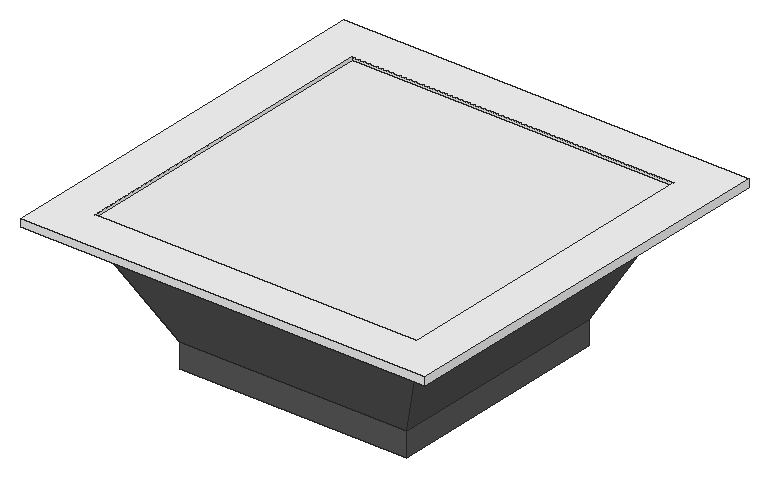
Revit family "3031702 Feilo Sylvania Lighting Fixture SYL-LIGHTER SQ 205 LED 15W WW DIM", category Lighting Fixtures, host Face, Revit 2017
Family settings
  Host = Face
  Round Connector Dimension = Use Diameter
  Part Type = Normal
  OmniClass Number = 23.80.70.00
  OmniClass Title = Lighting
  Cut with Voids When Loaded = No
  Light Source = Yes
  Shared = No
  Room Calculation Point = No
Parameters (values of type "3031702 SYL-LIGHTER SQ 205 LED 15W WW DIM")
  Width_FEILO = 205 mm
  WidthCutOut_FEILO = 185 mm
  Weight = "10.2 kg"
  Wattage Comments = ""
  Wattage = 15 W
  WarrantyStartDate [instance] = "n/a"
  WarrantyGuarantorParts = "n/a"
  WarrantyDurationUnit = "n/a"
  WarrantyDurationParts = "n/a"
  WarrantyDescription = "n/a"
  built-in parameter 1150110 = 1 (stored number, unit not read)
  Voltage = 230 V
  URL = "http://www.sylvania-lighting.com"
  TypeName = "SYL-LIGHTER SQ 205 LED 15W WW DIM"
  Type Image = <None>
  Type Comments = "n/a"
  built-in parameter 1114217 = 1 (stored number, unit not read)
  Tilt Angle = -90.00°
  built-in parameter 1150109 = 1 (stored number, unit not read)
  built-in parameter 1150134 = (empty or 0)
  built-in parameter 1150113 = 1 (stored number, unit not read)
  SerialNumber [instance] = "n/a"
  Photometric Web File = "3031702.ies"
  Offset3_FEILO = Width_FEILO / 8.5  # 24.118 mm
  Offset2_FEILO = Width_FEILO / 28.3333  # 7.235 mm
  Offset1_FEILO = Width_FEILO / 56.6667  # 3.618 mm
  Material_3_FEILO = Diffuser-Sylvania-InsaverHoTopperSquare
  PowerFactor = 0
  PowerConsumption = "15 W"
  NominalLength = 205 mm
  NominalHeight = 68 mm
  NominalDepth = 205 mm
  Name = "SYL-LIGHTER SQ 205 LED 15W WW DIM"
  ModelReference = Name  # "SYL-LIGHTER SQ 205 LED 15W WW DIM"
  ModelNumber = "3031702"
  Model = Name  # "SYL-LIGHTER SQ 205 LED 15W WW DIM"
  Material = "polycarbonate diffuser"
  ManufacturerName = "Feilo Sylvania"
  Manufacturer = "Feilo Sylvania"
  LuminousEfficacy = "84 lm/W"
  built-in parameter 1150105 = 550.19 (stored number, unit not read)
  Lumens = 1260 lm
  LuminaireType = ""
  built-in parameter 1150115 = 1 (stored number, unit not read)
  LightOutputRatio = "n/a"
  built-in parameter 1150137 = (empty or 0)
  built-in parameter 1150139 = (empty or 0)
  LampsType = Lamp  # "LED"
  LampNominalLuminous = "1258 lm"
  LampMacAdamStep = "n/a"
  LampColourTemperature = "3000 K"
  LampColourRenderingIndex = "0"
  built-in parameter 1150112 = 1 (stored number, unit not read)
  built-in parameter 1150114 = 1 (stored number, unit not read)
  Lamp = "LED"
  Keynote = "16500"
  InstallationDate [instance] = "n/a"
  InputVoltage = "220-240V~"
  InputNominalFrequency = "n/a"
  built-in parameter 1150132 = (empty or 0)
  built-in parameter 1150102 = (empty or 0)
  built-in parameter 1150107 = 3000 (stored number, unit not read)
  built-in parameter 1150138 = (empty or 0)
  IngressProtection = "IP44"
  ImpactProtectionIndex = "IK02"
  built-in parameter 1150106 = 5.5019 (stored number, unit not read)
  IfcExportType = "IfcLightFixtureType"
  IfcExportAs = "IfcLightFixtureType"
  HieghtCutOut_FEILO = HeightRecessed_FEILO / 0.8  # 85 mm
  HieghtBezel_FEILO = 4 mm
  HeightRecessed_FEILO = 68 mm
  HeightMiddle_FEILO = HeightRecessed_FEILO / 8.5  # 8 mm
  HeightBlend_FEILO = HeightRecessed_FEILO / 1.4167  # 48 mm
  ExpectedLife = 50000
  Emit from Rectangle Width = WidthCutOut_FEILO - 2 * (Offset1_FEILO + Offset2_FEILO)  # 163.294 mm
  Emit from Rectangle Length = WidthCutOut_FEILO - 2 * (Offset1_FEILO + Offset2_FEILO)  # 163.294 mm
  Emit Shape Visible in Rendering = no
  ElectricShockClassification = "n/a"
  built-in parameter 1150104 = 7.8039 (stored number, unit not read)
  DurationUnit = "hours"
  DocumentationLiterature = "http://www.sylvania-lighting.com/product/en-int/products/3031702"
  DimmingControlOptions = "n/a"
  Material_2_FEILO = Body-Sylvania-InsaverHoTopperSquare-Black
  Dimming Lamp Color Temperature Shift = <None>
  Description = ""
  Default Elevation = 1219.2 mm
  CreatedOn = "2/20/2018"
  CreatedBy = ""
  Cost = 0
  Color Filter = 16777215
  built-in parameter 1114216 [instance] = (empty or 0)
  ClassificationValue = "EF_70_80"
  ClassificationName = "Uniclass2015"
  Material_1_FEILO = Bezel-Sylvania-InsaverHoTopperSquare-White
  BarCode [instance] = "n/a"
  built-in parameter 1114218 = 1 (stored number, unit not read)
  built-in parameter 1150133 = 10 (stored number, unit not read)
  AssetType = "Fixed"
  AssetIdentifier [instance] = "n/a"
  Assembly Code = "D5020200"
  Apparent Load = 15 VA
  Material_4_FEILO = none
Reference planes
  plane 1 "Center (Front/Back)": y = 0
  plane 2: z = 0
  plane 3 "Center (Left/Right)": x = 0
  plane 4: x = 92.5
  plane 5: x = -92.5
  plane 6: x = -102.5
  plane 7: x = 102.5
  plane 8: x = -88.882
  plane 9: x = 88.882
  plane 10: z = -85
  plane 11: z = 4
  plane 12: z = -8
  plane 13: z = -68
  plane 14: y = 102.5
  plane 15: y = -102.5
  plane 16: y = 92.5
  plane 17: y = -92.5
  plane 18: y = 88.882
  plane 19: y = -88.882
  plane 20: z = 2.5
  plane 21: x = -81.647
  plane 22: y = 81.647
  plane 23: x = 81.647
  plane 24: y = -81.647
  plane 25: x = -57.529
  plane 26: y = 57.529
  plane 27: x = 57.529
  plane 28: y = -57.529
  plane 29: z = -56
Forms (mm)
  Extrusion 1, void
    sketch origin (0, 0, 0) x (1, 0, 0) y (0, 1, 0)
      loop
        line (-92.5, 92.5) -> (-92.5, -92.5) -> (92.5, -92.5) -> (92.5, 92.5) -> (-92.5, 92.5)
    from 0 to -85
  Extrusion 2, solid, material "Bezel-Sylvania-InsaverHoTopperSquare-White" <- "Material_1_FEILO"
    sketch origin (0, 0, 0) x (1, 0, 0) y (0, 1, 0)
      loop
        line (-102.5, 102.5) -> (-102.5, -102.5) -> (102.5, -102.5) -> (102.5, 102.5) -> (-102.5, 102.5)
      loop
        line (-81.647, 81.647) -> (-81.647, -81.647) -> (81.647, -81.647) -> (81.647, 81.647) -> (-81.647, 81.647)
    from 0 to 4
  Extrusion 3, solid, material "Diffuser-Sylvania-InsaverHoTopperSquare" <- "Material_3_FEILO"
    sketch origin (0, 0, 0) x (1, 0, 0) y (0, 1, 0)
      loop
        line (-81.647, 81.647) -> (-81.647, -81.647) -> (81.647, -81.647) -> (81.647, 81.647) -> (-81.647, 81.647)
    from 0 to 2.5
  Extrusion 4, solid, material "Bezel-Sylvania-InsaverHoTopperSquare-White" <- "Material_1_FEILO"
    sketch origin (0, 0, 0) x (1, 0, 0) y (0, 1, 0)
      loop
        line (-88.882, 88.882) -> (-88.882, -88.882) -> (88.882, -88.882) -> (88.882, 88.882) -> (-88.882, 88.882)
    from 0 to -8
  Blend 5, solid, material "Body-Sylvania-InsaverHoTopperSquare-Black" <- "Material_2_FEILO"
    base sketch origin (1223.4, -4572, -8) x (0, -1, 0) y (1, 0, 0)
      loop
        line (-4653.647, -1305.047) -> (-4490.353, -1305.047) -> (-4490.353, -1141.753) -> (-4653.647, -1141.753) -> (-4653.647, -1305.047)
    top sketch origin (1223.4, -4572, -8) x (0, -1, 0) y (1, 0, 0)
      loop
        line (-4629.529, -1280.929) -> (-4514.471, -1280.929) -> (-4514.471, -1165.871) -> (-4629.529, -1165.871) -> (-4629.529, -1280.929)
    from 0 to -48
  Extrusion 6, solid, material "Body-Sylvania-InsaverHoTopperSquare-Black" <- "Material_2_FEILO"
    sketch origin (1223.4, -4572, -56) x (0, -1, 0) y (-1, 0, 0)
      loop
        line (-4629.529, 1280.929) -> (-4629.529, 1165.871) -> (-4514.471, 1165.871) -> (-4514.471, 1280.929) -> (-4629.529, 1280.929)
    from 12 to 0
Dimensions and locks
  "HieghtCutOut_FEILO": plane 2 to plane 10
  "HieghtBezel_FEILO": plane 11 to plane 2
  "HeightMiddle_FEILO": plane 2 to plane 12
  "HeightRecessed_FEILO": plane 2 to plane 13
  equal spacing: plane 19, plane 1 "Center (Front/Back)", plane 18
  equal spacing: plane 17, plane 1 "Center (Front/Back)", plane 16
  equal spacing: plane 15, plane 1 "Center (Front/Back)", plane 14
  "Width_FEILO": plane 15 to plane 14
  "WidthCutOut_FEILO": plane 17 to plane 16
  "Offset1_FEILO": plane 18 to plane 16
  equal spacing: plane 6, plane 3 "Center (Left/Right)", plane 7
  "Width_FEILO": plane 6 to plane 7
  equal spacing: plane 5, plane 3 "Center (Left/Right)", plane 4
  "WidthCutOut_FEILO": plane 5 to plane 4
  equal spacing: plane 8, plane 3 "Center (Left/Right)", plane 9
  "Offset1_FEILO": plane 5 to plane 8
  locked: plane 11 to plane 20 at 1.5
  equal spacing: plane 21, plane 3 "Center (Left/Right)", plane 23
  equal spacing: plane 24, plane 1 "Center (Front/Back)", plane 22
  "Offset2_FEILO": plane 22 to plane 18
  "Offset2_FEILO": plane 8 to plane 21
  equal spacing: plane 25, plane 3 "Center (Left/Right)", plane 27
  equal spacing: plane 28, plane 1 "Center (Front/Back)", plane 26
  "Offset3_FEILO": plane 26 to plane 22
  "Offset3_FEILO": plane 21 to plane 25
  "HeightBlend_FEILO": plane 12 to plane 29
  aligned and locked: plane 2 to host face
  aligned and locked: level to host face
  aligned and locked: plane 16 to Extrusion 1 sketch curve
  aligned and locked: plane 5 to Extrusion 1 sketch curve
  aligned and locked: Extrusion 1 sketch curve to plane 17
  aligned and locked: Extrusion 1 sketch curve to plane 4
  aligned and locked: level to Extrusion 1
  aligned and locked: plane 10 to Extrusion 1
  aligned and locked: plane 14 to Extrusion 2 sketch curve
  aligned and locked: plane 6 to Extrusion 2 sketch curve
  aligned and locked: Extrusion 2 sketch curve to plane 15
  aligned and locked: Extrusion 2 sketch curve to plane 7
  aligned and locked: plane 22 to Extrusion 2 sketch curve
  aligned and locked: plane 21 to Extrusion 2 sketch curve
  aligned and locked: Extrusion 2 sketch curve to plane 24
  aligned and locked: Extrusion 2 sketch curve to plane 23
  aligned and locked: Extrusion 2 to plane 11
  aligned and locked: Extrusion 2 to level
  aligned and locked: Extrusion 3 sketch curve to Extrusion 2  (x4)
  aligned and locked: Extrusion 3 to plane 20
  aligned and locked: Extrusion 3 to level
  aligned and locked: plane 18 to Extrusion 4 sketch curve
  aligned and locked: plane 8 to Extrusion 4 sketch curve
  aligned and locked: Extrusion 4 sketch curve to plane 19
  aligned and locked: Extrusion 4 sketch curve to plane 9
  aligned and locked: plane 12 to Extrusion 4
  aligned and locked: level to Extrusion 4
  aligned and locked: Blend 5 sketch curve to Extrusion 2  (x4)
  aligned and locked: Blend 5 sketch curve to plane 26
  aligned and locked: Blend 5 sketch curve to plane 25
  aligned and locked: plane 28 to Blend 5 sketch curve
  aligned and locked: plane 27 to Blend 5 sketch curve
  aligned and locked: plane 12 to Blend 5
  aligned and locked: plane 29 to Blend 5
  aligned and locked: Extrusion 6 sketch curve to Blend 5  (x4)
  aligned and locked: plane 13 to Extrusion 6
  aligned and locked: Extrusion 6 to plane 29
  aligned and locked: plane 3 "Center (Left/Right)" to imposter light
  aligned and locked: imposter light to plane 1 "Center (Front/Back)"
  aligned and locked: imposter light to plane 20
Automatic sketch dimensions
  host sketch curve to host sketch curve = 2438.4 mm  (x2)
Connectors
  electrical at (0, 0, 0), driven by "Apparent Load", driven by "PowerFactor", driven by "Voltage"
    settings: index 1, voltage 230 V, apparent load 15 VA, apparent load phase1 0 VA, apparent load phase2 0 VA, apparent load phase3 0 VA, power factor 0, load classification "Lighting", number of poles 1, system type 30, power factor state 1, is connector primary yes, connector utility no, sub classification motor no, connector description ""
